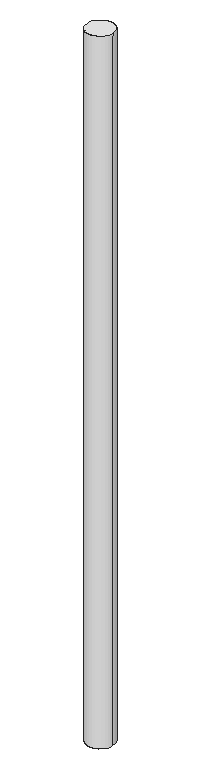
Revit family
Parameters (values of type "250mm 지름")
  반지름 = Diameter / 2  # 125 mm
  최소 내포 = 150 mm
  파일 재료 [instance] = 금속 - 스틸 - 345 MPa
  Diameter = 250 mm
  Depth = 6000 mm
  Assembly Code = "A1020130"
Types (7, lengths in mm): name | 반지름 | 최소 내포 | Diameter
  (no name) | 125 | 150 | 250
  300mm 지름 | 150 | 150 | 300
  600mm 지름 | 300 | 152 | 600
  250mm 지름 | 125 | 150 | 250
  400mm 지름 | 200 | 150 | 400
  500mm 지름 | 250 | 150 | 500
  200mm 지름 | 100 | 150 | 200
Reference planes
  plane 1 "중심(앞/뒤)": y = 0
  plane 2: z = 0
  plane 3 "중심(왼쪽/오른쪽)": x = 0
  plane 4: z = -6000
  plane 5: z = 150
Forms (mm)
  Extrusion 1, solid, material "금속 - 스틸 - 345 MPa" <- "파일 재료"
    sketch origin (0, 0, 0) x (1, 0, 0) y (0, 1, 0)
      loop
        circle (0, 0) r 125
    from -6000 to 150
Dimensions and locks
  "Depth": plane 2 to plane 4
  "최소 내포": plane 5 to plane 2
  "반지름": radius of Extrusion 1 sketch curve
  aligned and locked: Extrusion 1 to plane 4
  aligned and locked: Extrusion 1 to plane 5
Automatic sketch dimensions
  Extrusion 1 sketch curve to plane 1 "중심(앞/뒤)" = 0 mm
  Extrusion 1 sketch curve to plane 3 "중심(왼쪽/오른쪽)" = 0 mm
